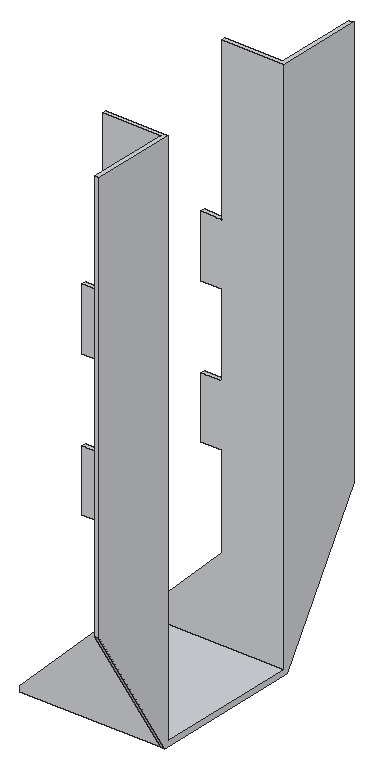
Revit family "050523 - Metal fastenings - Joist Hanger - 18 Guage - Simpson - 3 9_16 x 1 3_4 x 6 5_8", category Generic Models, Revit 2019
Family settings
  Can host rebar = No
  Round Connector Dimension = Use Diameter
  Part Type = Normal
  Work Plane-Based = No
  Always vertical = Yes
  Cut with Voids When Loaded = No
  Shared = No
  Room Calculation Point = No
Parameters
  total Width = 0' - 1 3/4"
  lip width = 0' - 1 13/256"
  Material = none
  Height = 0' - 6 5/8"
Reference planes (in)
  plane 1 "Center (Front/Back)": y = 0
  plane 2: z = 0
  plane 3 "Center (Left/Right)": x = 0
  plane 4: z = 6.625
  plane 5: x = -1.75
  plane 6: y = -1.85156
  plane 7: y = -1.80078
  plane 8: y = -0.05078
  plane 9: z = 0.0625
  plane 10: x = -0.75
  plane 11: x = -1
  plane 12: z = 4.68209
  plane 13: z = 3.93209
  plane 14: z = 2.93209
  plane 15: z = 2.18209
  plane 16: through (-0.75, -180, 1.0625) normal (0.7071, 0, -0.7071)
  plane 17: x = -0.05078
Forms (in)
  Extrusion 1, solid, material <- "Material"
    sketch origin (0, 0, 0) x (1, 0, 0) y (0, 0, 1)
      loop
        line (0, 6.625) -> (-0.75, 6.625) -> (-0.75, 4.68209) -> (-1, 4.68209) -> (-1, 3.93209) -> (-0.75, 3.93209) -> (-0.75, 2.93209) -> (-1, 2.93209) -> (-1, 2.18209) -> (-0.75, 2.18209) -> (-0.75, 1.0625) -> (-1.75, 0.0625) -> (-1.75, 0) -> (0, 0) -> (0, 6.625)
    from 0 to 0.05078
  Extrusion 2, solid, material <- "Material"
    sketch origin (0, 0, 0) x (1, 0, 0) y (0, 0, 1)
      loop
        line (0, 6.625) -> (-0.75, 6.625) -> (-0.75, 4.68209) -> (-1, 4.68209) -> (-1, 3.93209) -> (-0.75, 3.93209) -> (-0.75, 2.93209) -> (-1, 2.93209) -> (-1, 2.18209) -> (-0.75, 2.18209) -> (-0.75, 1.0625) -> (-1.75, 0.0625) -> (-1.75, 0) -> (0, 0) -> (0, 6.625)
    from 1.80078 to 1.85156
  Extrusion 3, solid, material <- "Material"
    sketch origin (0, 0, 0) x (1, 0, 0) y (0, 1, 0)
      loop
        line (-1.75, -0.05078) -> (-1.75, -1.80078) -> (0, -1.80078) -> (0, -0.05078) -> (-1.75, -0.05078)
    from 0 to 0.0625
  Extrusion 4, solid, material <- "Material"
    sketch origin (0, -0.05078, 0) x (0, -1, 0) y (0, 0, -1)
      loop
        line (0, -6.625) -> (0, 0) -> (-0.05078, 0) -> (-1.05078, -1.625) -> (-1.05078, -6.625) -> (0, -6.625)
    from -0.05078 to 0
  Extrusion 5, solid, material <- "Material"
    sketch origin (0, -1.01172, 0) x (0, 1, 0) y (0, 0, 1)
      loop
        line (-0.78906, 6.625) -> (-1.83984, 6.625) -> (-1.83984, 1.625) -> (-0.83984, 0) -> (-0.78906, 0) -> (-0.78906, 6.625)
    from -0.05078 to 0
Cuts and joins
  joined: Extrusion 1, Extrusion 2, Extrusion 3, Extrusion 4, Extrusion 5
Dimensions and locks (in)
  "Height": plane 4 to level
  "total Width": plane 3 "Center (Left/Right)" to plane 5
  "lip width": cut or joined group of Extrusion 1, Extrusion 2, Extrusion 3, Extrusion 4, Extrusion 5 to cut or joined group of Extrusion 1, Extrusion 2, Extrusion 3, Extrusion 4, Extrusion 5  (x2)
  aligned and locked: plane 2 to level
  aligned and locked: Extrusion 1 to plane 1 "Center (Front/Back)"
  aligned and locked: plane 8 to Extrusion 1
  aligned and locked: Extrusion 2 to plane 6
  aligned and locked: plane 7 to Extrusion 2
  aligned and locked: plane 9 to Extrusion 3
  aligned and locked: Extrusion 2 to level
  aligned and locked: Extrusion 1 to level
  aligned and locked: Extrusion 2 to Extrusion 1  (x4)
  aligned and locked: Extrusion 1 to Extrusion 2  (x2)
  aligned and locked: plane 5 to Extrusion 1
  aligned and locked: plane 3 "Center (Left/Right)" to Extrusion 1
  aligned and locked: plane 4 to Extrusion 1
  aligned and locked: Extrusion 1 sketch curve to plane 10
  aligned and locked: plane 16 to Extrusion 1 sketch curve
  aligned and locked: Extrusion 2 sketch curve to plane 11  (x2)
  aligned and locked: Extrusion 2 sketch curve to Extrusion 1  (x4)
  aligned and locked: plane 16 to Extrusion 2 sketch curve
  aligned and locked: Extrusion 4 to plane 17
  aligned and locked: plane 3 "Center (Left/Right)" to Extrusion 4
  aligned and locked: Extrusion 5 sketch curve to plane 7
  aligned and locked: Extrusion 5 sketch curve to plane 4
  aligned and locked: Extrusion 4 sketch curve to cut or joined group of Extrusion 1, Extrusion 2, Extrusion 3, Extrusion 4, Extrusion 5
  aligned and locked: plane 4 to Extrusion 4 sketch curve
Automatic sketch dimensions
  Extrusion 1 sketch curve to level = 0' - 0"
  plane 5 to Extrusion 1 sketch curve = 0' - 0"
  plane 11 to Extrusion 1 sketch curve = 0' - 0"  (x2)
  Extrusion 1 sketch curve to plane 4 = 0' - 0"
  plane 10 to Extrusion 1 sketch curve = 0' - 0"  (x2)
  Extrusion 1 sketch curve to plane 3 "Center (Left/Right)" = 0' - 0"
  Extrusion 1 sketch curve to plane 15 = 0' - 0"
  Extrusion 1 sketch curve to plane 14 = 0' - 0"
  Extrusion 1 sketch curve to plane 13 = 0' - 0"
  Extrusion 1 sketch curve to plane 12 = 0' - 0"
  Extrusion 2 sketch curve to level = 0' - 0"
  plane 5 to Extrusion 2 sketch curve = 0' - 0"
  plane 10 to Extrusion 2 sketch curve = 0' - 0"
  Extrusion 2 sketch curve to plane 15 = 0' - 0"
  Extrusion 2 sketch curve to plane 14 = 0' - 0"
  Extrusion 2 sketch curve to plane 13 = 0' - 0"
  Extrusion 2 sketch curve to plane 12 = 0' - 0"
  Extrusion 3 sketch curve to plane 5 = 0' - 0"
  Extrusion 3 sketch curve to plane 3 "Center (Left/Right)" = 0' - 0"
  Extrusion 3 sketch curve to plane 7 = 0' - 0"
  plane 8 to Extrusion 3 sketch curve = 0' - 0"
  Extrusion 5 sketch curve to Extrusion 3 = 0' - 0"
  Extrusion 5 sketch curve to Extrusion 5 sketch curve = 0' - 0 13/256"
  Extrusion 5 sketch curve to Extrusion 3 = 0' - 1 13/256"
  Extrusion 5 sketch curve to Extrusion 3 = 0' - 1 9/16"
  Extrusion 3 to Extrusion 4 sketch curve = 0' - 0"
  Extrusion 4 sketch curve to Extrusion 4 sketch curve = 0' - 0 13/256"
  Extrusion 4 sketch curve to Extrusion 3 = 0' - 1 13/256"
  Extrusion 4 sketch curve to Extrusion 3 = 0' - 1 9/16"
